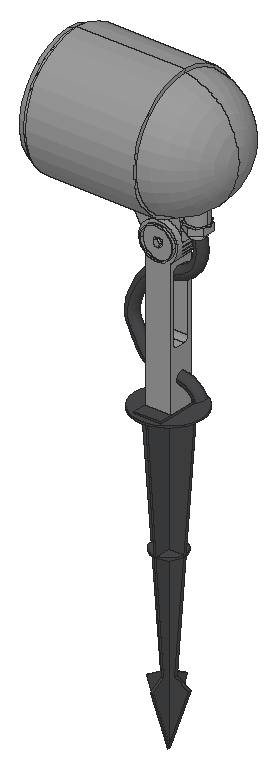
Revit family "LED LANDSCAPE 05_LKG0536WW.30", category Luminarias, Revit 2019
Family settings
  Cota de conector redondo = Diámetro de uso
  Tipo de pieza = Normal
  Se basa en plano de trabajo = Sí
  Siempre vertical = No
  Corte con vacíos al cargar = No
  Origen de luz = Sí
  Compartido = No
  Punto de cálculo de habitación = No
Parameters (values of type "LED LANDSCAPE 05_LKG0536WW.30")
  Ángulo de inclinación = 60.00°
  Zone [instance] = ""
  Watt per fixture = 9.5
  Wattage = 9.5 W
  built-in parameter 1150107 = 3000 (stored number, unit not read)
  built-in parameter 1150110 = 1 (stored number, unit not read)
  built-in parameter 1150109 = 1 (stored number, unit not read)
  built-in parameter 1150112 = 1 (stored number, unit not read)
  built-in parameter 1150113 = 1 (stored number, unit not read)
  built-in parameter 1114218 = 1 (stored number, unit not read)
  Keynote = ""
  built-in parameter 1150142 = "IESNA:LM-63-1995\r\n[TEST] LED LANDSCAPE 05\r\n[DATE] 2013-10-7\r\n[MANUFAC] BRILLANTE ILUMINACION\r\n[LUMCAT] LED LANDSCAPE 05\r\n[LUMINAIRE] LKG0536WW\r\n[LAMPCAT] LED LANDSCAPE 05\r\n[LAMP] LED LANDSCAPE 05 3000°K\r\nTILT=NONE\r\n1 -1 1.0 19 9 1 2 0.000 0.000 0.000\r\n1 1 10.2\r\n0.0 5.0 10.0 15.0 20.0 25.0 30.0 35.0 40.0 45.0 50.0 55.0 60.0 65.0 70.0 75.0 80.0 85.0 90.0\r\n0.0 45.0 90.0 135.0 180.0 225.0 270.0 315.0 360.0 \r\n3186.622 3303.014 2268.070 1352.663 585.839 242.221 119.538 67.423 41.104 23.908 15.099 10.276 6.396 3.670 1.468 0.734 0.210 0.105 0.000\r\n2845.835 3026.190 2240.807 1239.417 568.328 216.112 113.980 67.109 40.475 23.383 14.156 8.703 5.348 3.355 2.202 0.419 0.105 -0.105 -0.105\r\n2697.986 2081.843 1438.017 648.754 272.106 136.944 77.490 45.298 28.207 18.036 11.220 7.235 4.614 2.307 0.944 0.210 0.210 0.000 0.000\r\n3226.468 2065.904 1256.928 503.212 208.457 111.883 63.124 37.854 24.746 16.148 9.857 6.501 3.775 1.992 0.419 0.105 0.000 0.000 0.000\r\n3186.622 2177.892 1055.916 465.358 178.887 97.937 59.454 35.337 20.972 13.317 8.703 5.662 3.670 1.887 0.315 0.210 0.000 0.000 0.105\r\n2845.835 1924.452 975.071 383.779 174.169 96.050 56.204 35.232 23.174 14.995 10.171 6.187 3.251 1.573 0.210 0.105 0.105 -0.105 0.000\r\n2697.986 2183.135 1294.991 594.543 253.965 131.806 78.853 47.710 27.473 17.092 10.695 6.816 4.404 2.831 0.734 0.105 0.000 -0.105 -0.105\r\n3226.468 3115.319 2121.269 1106.248 566.231 200.488 103.494 61.237 36.805 22.020 13.736 8.493 5.348 3.041 1.468 0.419 0.315 0.105 0.105\r\n3186.622 3303.014 2268.070 1352.663 585.839 242.221 119.538 67.423 41.104 23.908 15.099 10.276 6.396 3.670 1.468 0.734 0.210 0.105 0.000\r\n"
  built-in parameter 1150137 = (empty or 0)
  built-in parameter 1150132 = (empty or 0)
  Modelo = "LKG0536WW.30"
  Lámpara = "OSRAM"
  Longitud [instance] = 1000 mm
  built-in parameter 1150105 = 43.431 (stored number, unit not read)
  built-in parameter 1150102 = (empty or 0)
  built-in parameter 1150106 = 0.43431 (stored number, unit not read)
  Lumens = 545.775 lm
  Color Filter = 16777215
  built-in parameter 1114217 = 1 (stored number, unit not read)
  built-in parameter 1150139 = (empty or 0)
  Fabricante = "BRILLANT"
  Default Elevation = 0 mm
  built-in parameter 1150104 = 5.3373 (stored number, unit not read)
  Descripción = "LUMINARIA DE JARDIN CON ESTACA, CUERPO DE ALUMINIO FUNDIDO A PRESION CUBIERTO CON POLVO GRIS OSCURO Y VIDRIO TEMPLADO DE 4MM CON UN PESO DE 1.8KG, USO PARA INTERIORES Y EXTERIORES IP 66, IK 05, 5 LED TIPO OSRAM CON UNA POTENCIA DE 9.5W, IRC 80, 586 LUMENES, TEMPERATURA EN BLANCO CALIDO 3000K, EFICIENCIA DE 57.45 LM/W, APERTURA DE 30 GRADOS EN STOCK, DIMMEABLE OPCIONAL EN TRIAC, CABLE DE 2.0M H05RN-F, CORRIENTE DE OPERACIÓN 80mA, ALIMENTADO A 100-277V."
  built-in parameter 1150115 = 1 (stored number, unit not read)
  built-in parameter 1150114 = 1 (stored number, unit not read)
  Comentarios de vataje = "100-277V"
  built-in parameter 1150138 = (empty or 0)
  built-in parameter 1150134 = (empty or 0)
  Circuit [instance] = ""
  Dimming Lamp Color Temperature Shift = (empty or 0)
  Archivo de red fotométrica = "LED LANDSCAPE_LKG0536WW.IES"
  built-in parameter 1150133 = 10 (stored number, unit not read)
Reference planes
  plane 1 "Centro (Frontal/Posterior)": y = 0
  plane 2: z = 0
  plane 3 "Centro (Izquierda/Derecha)": x = 0
  plane 4: z = -240
  plane 5: z = 240
Forms (mm)
  Extrusion 1, solid, material "Plastico"
    sketch origin (0, 0.339, 0) x (1, 0, 0) y (0, 0, -1)
      loop
        line (21, 1.177) -> (5.711, 188.038) -> (16.715, 194.391) -> (0, 240) -> (-16.715, 194.391) -> (-5.711, 188.038) -> (-21, 1.177) -> (21, 1.177)
    from -1.116 to 0.438
  Extrusion 2, solid, material "Plastico"
    sketch origin (0, 0, 0) x (1, 0, 0) y (0, 1, 0)
      loop
        circle (0, 0) r 26.151
    from -1.177 to 0
  Extrusion 3, solid, material "Plastico"
    sketch origin (-0.339, 0, 0) x (0, 1, 0) y (0, 0, -1)
      loop
        line (21, 1.177) -> (5.711, 188.038) -> (16.715, 194.391) -> (0, 240) -> (-16.715, 194.391) -> (-5.711, 188.038) -> (-21, 1.177) -> (21, 1.177)
    from -1.116 to 0.438
  Extrusion 4, solid, material "Plastico"
    sketch origin (0, 0, 0) x (1, 0, 0) y (0, 1, 0)
      loop
        line (-10.42, 21) -> (-10.42, -21) -> (10.704, -21) -> (10.704, 21) -> (-10.42, 21)
    from 0 to 1.1
  Revolve 5, solid, material "Aluminio"
    sketch origin (26.495, 0, 189.625) x (0, 0, 1) y (-1, 0, 0)
      loop
        line (41.179, 105) -> (41.179, 89.473) -> (0, 89.473) -> (0, 13.75) -> (50.375, 13.75) -> (50.375, 98.06) -> (48.766, 98.06) -> (48.766, 100.696) -> (47.199, 105) -> (41.179, 105)
      axis (0, 13.75) -> (0, 105)
    angle from 0 to 360
  Extrusion 6, solid, material "Cristal"
    sketch origin (24.915, 0, 231.553) x (0, 0, -1) y (0, -1, 0)
      loop
        circle (41.928, 0) r 41.179
    from 100.969 to 102.391
  Extrusion 7, solid, material "Aluminio"
    sketch origin (0, 12.96, 0) x (1, 0, 0) y (0, 0, -1)
      loop
        arc (-9.529, -106.898) -> (0, -133.96) -> (9.529, -106.898) r 15.208
        line (9.529, -106.898) -> (9.529, 0.046) -> (-9.529, 0.046) -> (-9.529, -106.898)
      loop
        circle (0, -118.751) r 3.742
    from -22.82 to -2.96
  Extrusion 8, solid, material "Plastico"
    sketch origin (0, 0, 0) x (1, 0, 0) y (0, 1, 0)
      loop
        circle (0, 0) r 12.9
    from -101.453 to -99.897
  Extrusion 9, solid, material "Aluminio"
    sketch origin (-34.084, 0, 0) x (1, 0, 0) y (0, 1, 0)
      loop
        circle (34.084, 0) r 2.773
      loop
        line (32.325, -1.016) -> (34.084, -2.031) -> (35.843, -1.016) -> (35.843, 1.016) -> (34.084, 2.031) -> (32.325, 1.016) -> (32.325, -1.016)
    from 1.1 to 2.206
  Sweep 10, solid, material "Plastico"
    path origin (-0.312, 0, 2.969) x (1, 0, 0) y (0, 0, 1)
      loop
        spline (20.345, 140.016) -> (25.143, 109.598) -> (16.531, 96.691) -> (4.285, 91.642) -> (-7.043, 89.048) -> (-17.102, 81.906) -> (-25.394, 66.88) -> (-28.171, 52.849) -> (-24.96, 43.683) -> (-20.165, 33.842) -> (-11.722, 24.382) -> (7.059, 21.117) -> (25.195, 9.566)
    profile origin (-25.706, 0, 69.849) x (0.934331, 0, -0.356407) y (0, -1, 0)
      loop
        circle (0, 0) r 4.5
  Revolve 11, solid, material "Aluminio"
    sketch origin (-25, 0, 123.619) x (1, 0, 0) y (0, 0, 1)
      loop
        line (37.745, 114.253) -> (37.745, 66.006) -> (80.495, 66.006)
        arc (80.495, 66.006) -> (68.27, 98.237) -> (37.745, 114.253) r 48.6
      axis (37.745, 66.006) -> (80.495, 66.006)
    angle from 0 to 360
  Extrusion 12, void
    sketch origin (-13.819, 0, 19.982) x (0, 0, 1) y (0, -1, 0)
      loop
        arc (82.47, 3.827) -> (81.345, 6.544) -> (78.628, 7.669) r 3.842
        line (78.628, 7.669) -> (29.512, 7.669)
        arc (29.512, 7.669) -> (26.796, 6.544) -> (25.67, 3.827) r 3.842
        line (25.67, 3.827) -> (25.67, -3.489)
        arc (25.67, -3.489) -> (26.796, -6.206) -> (29.512, -7.331) r 3.842
        line (29.512, -7.331) -> (78.628, -7.331)
        arc (78.628, -7.331) -> (81.345, -6.206) -> (82.47, -3.489) r 3.842
        line (82.47, -3.489) -> (82.47, 3.827)
    from 0 to 28.819
  Extrusion 13, solid, material "Aluminio"
    sketch origin (0.302, -12.138, 74.304) x (1, 0, 0) y (0, 0, -1)
      loop
        circle (-0.302, -44.493) r 12.951
      loop
        circle (-0.302, -44.493) r 2.303
      loop
        circle (-0.302, -44.493) r 12.186
    from 22.39 to 23.912
  Extrusion 14, solid, material "Aluminio"
    sketch origin (0, 0, 0) x (1, 0, 0) y (0, 0, 1)
      loop
        arc (-15.208, 118.751) -> (0, 103.543) -> (15.208, 118.751) r 15.208
        line (15.208, 118.751) -> (12.745, 139.25) -> (-27.043, 139.25) -> (-15.208, 118.751)
    from -5.02 to 5.066
  Extrusion 15, solid, material "Aluminio"
    sketch origin (-19.223, 0, 0) x (1, 0, 0) y (0, 1, 0)
      loop
        circle (42.258, 0) r 8
    from 137.682 to 151.822
  Extrusion 16, solid, material "Aluminio"
    sketch origin (0, 0, 0) x (1, 0, 0) y (0, 1, 0)
      loop
        line (18.05, 8.634) -> (13.065, 0) -> (18.05, -8.634) -> (28.019, -8.634) -> (33.004, 0) -> (28.019, 8.634) -> (18.05, 8.634)
    from 136.733 to 137.682
  Extrusion 17, solid, material "Aluminio"
    sketch origin (0, 0, 0) x (1, 0, 0) y (0, 1, 0)
      loop
        line (23.035, 9.754) -> (14.588, 4.877) -> (14.588, -4.877) -> (23.035, -9.754) -> (31.482, -4.877) -> (31.482, 4.877) -> (23.035, 9.754)
    from 131.394 to 136.733
  Revolve 18, solid
    sketch origin (0, 0, 0) x (1, 0, 0) y (0, 0, 1)
      loop
        arc (23.035, 124.385) -> (27.991, 126.438) -> (30.043, 131.394) r 7.009
        line (30.043, 131.394) -> (23.035, 131.394) -> (23.035, 124.385)
      axis (23.035, 131.394) -> (23.035, 124.385)
    angle from 0 to 360
  Revolve 19, solid
    sketch origin (9.15, 0.32, 84.63) x (0, 0, 1) y (1, 0, 0)
      loop
        spline (105.714, -77.128) -> (106.844, -77.085) -> (107.955, -76.958) -> (109.027, -76.748) -> (110.043, -76.458) -> (110.984, -76.095) -> (111.835, -75.664) -> (112.582, -75.172) -> (113.211, -74.628) -> (113.712, -74.042) -> (114.076, -73.422) -> (114.297, -72.781) -> (114.371, -72.128)
        line (114.371, -72.128) -> (105.714, -72.128) -> (105.714, -77.128)
      axis (105.714, -72.128) -> (105.714, -77.128)
    angle from 0 to 360
  Revolve 20, solid
    sketch origin (9.15, 0.32, 112.13) x (0, 0, 1) y (1, 0, 0)
      loop
        spline (105.714, -77.128) -> (106.844, -77.085) -> (107.955, -76.958) -> (109.027, -76.748) -> (110.043, -76.458) -> (110.984, -76.095) -> (111.835, -75.664) -> (112.582, -75.172) -> (113.211, -74.628) -> (113.712, -74.042) -> (114.076, -73.422) -> (114.297, -72.781) -> (114.371, -72.128)
        line (114.371, -72.128) -> (105.714, -72.128) -> (105.714, -77.128)
      axis (105.714, -72.128) -> (105.714, -77.128)
    angle from 0 to 360
  Revolve 21, solid
    sketch origin (9.15, -16.019, 59.47) x (0, 0, 1) y (1, 0, 0)
      loop
        spline (105.714, -77.128) -> (106.844, -77.085) -> (107.955, -76.958) -> (109.027, -76.748) -> (110.043, -76.458) -> (110.984, -76.095) -> (111.835, -75.664) -> (112.582, -75.172) -> (113.211, -74.628) -> (113.712, -74.042) -> (114.076, -73.422) -> (114.297, -72.781) -> (114.371, -72.128)
        line (114.371, -72.128) -> (105.714, -72.128) -> (105.714, -77.128)
      axis (105.714, -72.128) -> (105.714, -77.128)
    angle from 0 to 360
  Revolve 22, solid
    sketch origin (9.15, 16.019, 59.47) x (0, 0, 1) y (-1, 0, 0)
      loop
        line (105.714, 77.128) -> (105.714, 72.128) -> (114.371, 72.128)
        spline (114.371, 72.128) -> (114.297, 72.781) -> (114.076, 73.422) -> (113.712, 74.042) -> (113.211, 74.628) -> (112.582, 75.172) -> (111.835, 75.664) -> (110.984, 76.095) -> (110.043, 76.458) -> (109.027, 76.748) -> (107.955, 76.958) -> (106.844, 77.085) -> (105.714, 77.128)
      axis (105.714, 72.128) -> (105.714, 77.128)
    angle from 0 to 360
  Revolve 23, solid
    sketch origin (9.15, -25.866, 93.542) x (0, 0, 1) y (1, 0, 0)
      loop
        spline (105.714, -77.128) -> (106.844, -77.085) -> (107.955, -76.958) -> (109.027, -76.748) -> (110.043, -76.458) -> (110.984, -76.095) -> (111.835, -75.664) -> (112.582, -75.172) -> (113.211, -74.628) -> (113.712, -74.042) -> (114.076, -73.422) -> (114.297, -72.781) -> (114.371, -72.128)
        line (114.371, -72.128) -> (105.714, -72.128) -> (105.714, -77.128)
      axis (105.714, -72.128) -> (105.714, -77.128)
    angle from 0 to 360
  Revolve 24, solid
    sketch origin (9.15, 25.866, 93.542) x (0, 0, 1) y (-1, 0, 0)
      loop
        line (105.714, 77.128) -> (105.714, 72.128) -> (114.371, 72.128)
        spline (114.371, 72.128) -> (114.297, 72.781) -> (114.076, 73.422) -> (113.712, 74.042) -> (113.211, 74.628) -> (112.582, 75.172) -> (111.835, 75.664) -> (110.984, 76.095) -> (110.043, 76.458) -> (109.027, 76.748) -> (107.955, 76.958) -> (106.844, 77.085) -> (105.714, 77.128)
      axis (105.714, 72.128) -> (105.714, 77.128)
    angle from 0 to 360
  Extrusion 25, void
    sketch origin (-137.556, -15.918, -43.214) x (0, 0, 1) y (0, -1, 0)
      loop
        circle (265.623, -45.641) r 1.924
      loop
        circle (265.623, 13.804) r 1.924
      loop
        circle (200.243, -45.641) r 1.924
      loop
        circle (200.243, 13.804) r 1.924
    from 56.713 to 66.501
  Extrusion 26, solid, material "Aluminio"
    sketch origin (0.302, 12.138, 74.304) x (1, 0, 0) y (0, 0, 1)
      loop
        circle (-0.302, 44.493) r 12.951
      loop
        circle (-0.302, 44.493) r 2.303
      loop
        circle (-0.302, 44.493) r 12.186
    from 22.39 to 23.912
Cuts and joins
  Extrusion 12 cuts Extrusion 7
  Extrusion 25 cuts Revolve 5
Dimensions and locks
  plane 2 to plane 4 = 240 mm
  Revolve 5 sketch curve to Revolve 5 sketch curve = 50.375 mm
  plane 5 to level = 240 mm
  plane 5 to plane 4 = 480 mm
  aligned and locked: level to plane 2
  aligned and locked: Extrusion 2 to Extrusion 1 sketch curve
Connectors
  electrical at (24.882, 0, 12.535)
    settings: on Sweep 10, index 1, voltage 277 V, apparent load 0 VA, apparent load phase1 0 VA, apparent load phase2 0 VA, apparent load phase3 0 VA, power factor 1, load classification "Otro", number of poles 1, system type 31, power factor state 1, is connector primary yes, connector utility no, sub classification motor no, connector description ""
